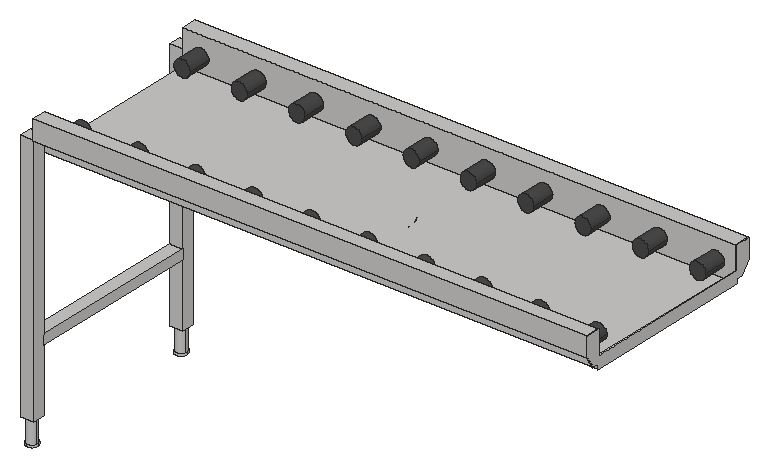
Revit family "QF_ELECTROLUXPROFESSIONAL_863004_HSSRC17", category Specialty Equipment, Revit 2018
Family settings
  Round Connector Dimension = Use Diameter
  Part Type = Normal
  Work Plane-Based = No
  Always vertical = Yes
  Cut with Voids When Loaded = No
  Shared = No
  Room Calculation Point = No
Parameters
  Weight = 0.00 kg
  Watts = 0 W
  Volts = 0 V
  URL Manufacturer = "http://professional.electrolux.com/"
  URL = "http://professional.electrolux.com/"
  Steam Supply Size = 0 mm
  Steam Supply Minimum Pressure = 0.0 Pa
  Steam Supply Maximum Pressure = 0.0 Pa
  Steam Pounds per Hour = 0
  Refrigeration Suction Line Size = 0 mm
  Refrigeration Liquid Line Size = 0 mm
  Refrigerant Compressor Remote = yes
  Manufacturer = "Electrolux"
  Phase = 0
  Model = "HSSRC17"
  Length Actual = 1700 mm  # constant formula
  Item Number = "863004"
  Hot Water Size = 0 mm
  Height Actual = 910 mm  # constant formula
  HP = "0 HP"
  Gas Size = 0 mm
  Gas KW = 0
  Gas Input Pressure = 0 W
  Description = "CONVEYOR, SHORT ROLLERS, L=1700 MM"
  Depth Actual = 620 mm  # constant formula
  Cycle = 0 Hz
  Condensate Return Size = 0 mm
  Compressed Air Volume = 0.0 L/s
  Compressed Air Size = 0 mm
  Compressed Air Pressure = 0.0 Pa
  Cold Water Size = 0 mm
  Accessory = yes
Reference planes
  plane 1 "Centro (Fronte/Retro)": y = 74.737
  plane 2: z = 0
  plane 3 "LEFT": x = -1038.761
  plane 4 "BACK": y = 384.737
  plane 5 "FRONT": y = -235.263
  plane 6: z = 910
  plane 7 "RIGHT": x = 661.239
  plane 8: x = -158.761
Forms (mm)
  Extrusion 1, solid, material "QF_Finishes_Stainless Steel"
    sketch origin (0, 74.737, 0) x (1, 0, 0) y (0, 0, 1)
      loop
        line (-1079.929, 300) -> (-1079.929, 270) -> (-1039.929, 270) -> (-1039.929, 300) -> (-1079.929, 300)
    from -266.504 to 266.46
  Extrusion 2, solid, material "QF_Finishes_Stainless Steel"
    sketch origin (11.239, 0, 0) x (0, 1, 0) y (0, 0, 1)
      loop
        line (-235.263, 910) -> (-235.263, 850.033) -> (-190.242, 850.033) -> (-190.242, 910) -> (-235.263, 910)
      loop
        line (384.737, 910) -> (339.716, 910) -> (339.716, 850.033) -> (384.737, 850.033) -> (384.737, 910)
    from -1050 to 648.8
  Extrusion 3, solid, material "QF_Finishes_Stainless Steel"
    sketch origin (11.239, 0, 0) x (0, 1, 0) y (0, 0, 1)
      loop
        line (-191.727, 850.033) -> (-191.727, 800.081) -> (341.245, 800.081) -> (341.245, 850.033) -> (339.716, 850.033) -> (339.716, 803.081) -> (-190.242, 803.081) -> (-190.242, 850.033) -> (-191.727, 850.033)
    from -1050 to 648.8
  Extrusion 4, solid, material "QF_Finishes_Stainless Steel"
    sketch origin (2161.239, 723.253, 4000) x (0, 1, 0) y (0, 0, 1)
      loop
        line (-958.516, -3090) -> (-958.516, -3149.967) -> (-934.752, -3185.632) -> (-915.4, -3185.632) -> (-915.4, -3199.919) -> (-381.633, -3199.919) -> (-381.633, -3185.632) -> (-362.281, -3185.632) -> (-338.516, -3149.967) -> (-338.516, -3090) -> (-383.538, -3090) -> (-383.538, -3161.926) -> (-913.495, -3161.926) -> (-913.495, -3090) -> (-958.516, -3090)
    from -1500 to -1501.2
  Revolve 5, solid, material "QF_Finishes_Stainless Steel"
    sketch origin (-188.685, 0, 0) x (0, 1, 0) y (0, 0, 1)
      loop
        line (74.737, 800.081) -> (12.53, 800.081) -> (12.319, 797.4) -> (12.319, 785.476) -> (17.293, 785.476) -> (17.293, 781.772)
        arc (17.293, 781.772) -> (20.266, 773.808) -> (27.77, 769.813) r 11.998
        line (27.77, 769.813) -> (74.737, 764.085) -> (74.737, 800.081)
      axis (74.737, 764.085) -> (74.737, 800.081)
    angle from 0 to 360
  Revolve 6, solid, material "QF_Finishes_Stainless Steel"
    sketch origin (-158.685, -1524, 744.096) x (0, 0, 1) y (0, -1, 0)
      loop
        line (13.017, -1619.713) -> (30, -1619.713) -> (30, -1598.737) -> (0, -1598.737) -> (0, -1619.713) -> (2.434, -1622.253) -> (10.477, -1622.253) -> (13.017, -1619.713)
      axis (0, -1598.737) -> (30, -1598.737)
    angle from 0 to 360
  Extrusion 7, solid, material "QF_Finishes_Black"
    sketch origin (0, 74.737, 0) x (1, 0, 0) y (0, 0, -1)
      loop
        circle (-980.637, -850.115) r 25
      loop
        circle (-804.784, -850.115) r 25
      loop
        circle (-628.931, -850.115) r 25
      loop
        circle (-453.078, -850.115) r 25
      loop
        circle (-277.226, -850.115) r 25
      loop
        circle (-101.373, -850.115) r 25
      loop
        circle (74.48, -850.115) r 25
      loop
        circle (426.186, -850.115) r 25
      loop
        circle (250.333, -850.115) r 25
      loop
        circle (602.039, -850.115) r 25
    from 190.58 to 260.534
  Extrusion 8, solid, material "QF_Finishes_Black"
    sketch origin (0, 74.737, 0) x (1, 0, 0) y (0, 0, 1)
      loop
        circle (-980.637, 850.115) r 25
      loop
        circle (-804.784, 850.115) r 25
      loop
        circle (-628.931, 850.115) r 25
      loop
        circle (-453.078, 850.115) r 25
      loop
        circle (-277.226, 850.115) r 25
      loop
        circle (-101.373, 850.115) r 25
      loop
        circle (74.48, 850.115) r 25
      loop
        circle (426.186, 850.115) r 25
      loop
        circle (250.333, 850.115) r 25
      loop
        circle (602.039, 850.115) r 25
    from 190.58 to 260.534
Cuts and joins
  joined: Extrusion 2, Extrusion 3
Lines and regions (mm)
  Split face 1
    outline origin (1658.239, 339.716, 803.081) x (-1, 0, 0) y (0, -1, 0)
      loop
        circle (1847, 264.904) r 3.016
  Split face 2
    outline origin (1658.239, 339.716, 803.081) x (-1, 0, 0) y (0, -1, 0)
      loop
        circle (1847, 264.904) r 52.991
  Split face 3
    outline origin (1658.239, 339.716, 803.081) x (-1, 0, 0) y (0, -1, 0)
      loop
        circle (1847, 264.904) r 36.015
  Split face 4
    outline origin (1658.239, 339.716, 803.081) x (-1, 0, 0) y (0, -1, 0)
      loop
        circle (1847, 264.904) r 26.027
  Split face 5
    outline origin (1658.239, 339.716, 803.081) x (-1, 0, 0) y (0, -1, 0)
      loop
        circle (1847, 264.904) r 9.056
  Masking region 1
    outline origin (0, 0, 0) x (1, 0, 0) y (0, 1, 0)
      loop
        line (-1038.761, 384.737) -> (-1038.761, -235.263) -> (661.239, -235.263) -> (661.239, 384.737) -> (-1038.761, 384.737)
  symbolic lines
    curve 1: line (661.239, 384.737, 0) -> (-1038.761, 384.737, 0)
    curve 2: line (-1038.761, 384.737, 0) -> (-1038.761, -235.263, 0)
    curve 3: line (-1038.761, 339.716, 0) -> (661.239, 339.716, 0)
    curve 4: line (-1038.761, -235.263, 0) -> (661.239, -235.263, 0)
    curve 5: line (661.239, -235.263, 0) -> (661.239, 384.737, 0)
    curve 6: line (661.239, -190.242, 0) -> (-1038.761, -190.242, 0)
    curve 7: line (661.239, 74.737, 0) -> (631.239, 74.737, 0)
    curve 8: line (-1038.761, 74.737, 0) -> (-1008.761, 74.737, 0)
    curve 9: arc (-188.685, 12.319, 0) -> (-251.104, 74.737, 0) -> (-188.685, 137.156, 0) r 62.418
    curve 10: arc (-188.685, 137.156, 0) -> (-126.267, 74.737, 0) -> (-188.685, 12.319, 0) r 62.418
    curve 11: arc (-158.685, 95.713, 0) -> (-179.662, 74.737, 0) -> (-158.685, 53.761, 0) r 20.976
    curve 12: arc (-158.685, 53.761, 0) -> (-137.709, 74.737, 0) -> (-158.685, 95.713, 0) r 20.976
    curve 13: line (-955.637, 265.317, 0) -> (-1005.637, 265.317, 0)
    curve 14: line (-1005.637, 265.317, 0) -> (-1005.637, 335.271, 0)
    curve 15: line (-1005.637, 335.271, 0) -> (-955.637, 335.271, 0)
    curve 16: line (-955.637, 335.271, 0) -> (-955.637, 265.317, 0)
    curve 17: line (627.032, 265.317, 0) -> (577.032, 265.317, 0)
    curve 18: line (577.032, 265.317, 0) -> (577.032, 335.271, 0)
    curve 19: line (577.032, 335.271, 0) -> (627.032, 335.271, 0)
    curve 20: line (627.032, 335.271, 0) -> (627.032, 265.317, 0)
    curve 21: line (-829.784, 265.317, 0) -> (-779.784, 265.317, 0)
    curve 22: line (-779.784, 265.317, 0) -> (-779.784, 335.271, 0)
    curve 23: line (-779.784, 335.271, 0) -> (-829.784, 335.271, 0)
    curve 24: line (-829.784, 335.271, 0) -> (-829.784, 265.317, 0)
    curve 25: line (-603.931, 265.317, 0) -> (-653.931, 265.317, 0)
    curve 26: line (-653.931, 265.317, 0) -> (-653.931, 335.271, 0)
    curve 27: line (-653.931, 335.271, 0) -> (-603.931, 335.271, 0)
    curve 28: line (-603.931, 335.271, 0) -> (-603.931, 265.317, 0)
    curve 29: line (-428.078, 265.317, 0) -> (-478.078, 265.317, 0)
    curve 30: line (-478.078, 265.317, 0) -> (-478.078, 335.271, 0)
    curve 31: line (-478.078, 335.271, 0) -> (-428.078, 335.271, 0)
    curve 32: line (-428.078, 335.271, 0) -> (-428.078, 265.317, 0)
    curve 33: line (-252.226, 265.317, 0) -> (-302.226, 265.317, 0)
    curve 34: line (-302.226, 265.317, 0) -> (-302.226, 335.271, 0)
    curve 35: line (-302.226, 335.271, 0) -> (-252.226, 335.271, 0)
    curve 36: line (-252.226, 335.271, 0) -> (-252.226, 265.317, 0)
    curve 37: line (-76.373, 265.317, 0) -> (-126.373, 265.317, 0)
    curve 38: line (-126.373, 265.317, 0) -> (-126.373, 335.271, 0)
    curve 39: line (-126.373, 335.271, 0) -> (-76.373, 335.271, 0)
    curve 40: line (-76.373, 335.271, 0) -> (-76.373, 265.317, 0)
    curve 41: line (99.48, 265.317, 0) -> (49.48, 265.317, 0)
    curve 42: line (49.48, 265.317, 0) -> (49.48, 335.271, 0)
    curve 43: line (49.48, 335.271, 0) -> (99.48, 335.271, 0)
    curve 44: line (99.48, 335.271, 0) -> (99.48, 265.317, 0)
    curve 45: line (275.333, 265.317, 0) -> (225.333, 265.317, 0)
    curve 46: line (225.333, 265.317, 0) -> (225.333, 335.271, 0)
    curve 47: line (225.333, 335.271, 0) -> (275.333, 335.271, 0)
    curve 48: line (275.333, 335.271, 0) -> (275.333, 265.317, 0)
    curve 49: line (451.186, 265.317, 0) -> (401.186, 265.317, 0)
    curve 50: line (401.186, 265.317, 0) -> (401.186, 335.271, 0)
    curve 51: line (401.186, 335.271, 0) -> (451.186, 335.271, 0)
    curve 52: line (451.186, 335.271, 0) -> (451.186, 265.317, 0)
    curve 53: line (-955.637, -115.842, 0) -> (-1005.637, -115.842, 0)
    curve 54: line (-1005.637, -115.842, 0) -> (-1005.637, -185.797, 0)
    curve 55: line (-1005.637, -185.797, 0) -> (-955.637, -185.797, 0)
    curve 56: line (-955.637, -185.797, 0) -> (-955.637, -115.842, 0)
    curve 57: line (627.032, -115.842, 0) -> (577.032, -115.842, 0)
    curve 58: line (577.032, -115.842, 0) -> (577.032, -185.797, 0)
    curve 59: line (577.032, -185.797, 0) -> (627.032, -185.797, 0)
    curve 60: line (627.032, -185.797, 0) -> (627.032, -115.842, 0)
    curve 61: line (-829.784, -115.842, 0) -> (-779.784, -115.842, 0)
    curve 62: line (-779.784, -115.842, 0) -> (-779.784, -185.797, 0)
    curve 63: line (-779.784, -185.797, 0) -> (-829.784, -185.797, 0)
    curve 64: line (-829.784, -185.797, 0) -> (-829.784, -115.842, 0)
    curve 65: line (-603.931, -115.842, 0) -> (-653.931, -115.842, 0)
    curve 66: line (-653.931, -115.842, 0) -> (-653.931, -185.797, 0)
    curve 67: line (-653.931, -185.797, 0) -> (-603.931, -185.797, 0)
    curve 68: line (-603.931, -185.797, 0) -> (-603.931, -115.842, 0)
    curve 69: line (-428.078, -115.842, 0) -> (-478.078, -115.842, 0)
    curve 70: line (-478.078, -115.842, 0) -> (-478.078, -185.797, 0)
    curve 71: line (-478.078, -185.797, 0) -> (-428.078, -185.797, 0)
    curve 72: line (-428.078, -185.797, 0) -> (-428.078, -115.842, 0)
    curve 73: line (-252.226, -115.842, 0) -> (-302.226, -115.842, 0)
    curve 74: line (-302.226, -115.842, 0) -> (-302.226, -185.797, 0)
    curve 75: line (-302.226, -185.797, 0) -> (-252.226, -185.797, 0)
    curve 76: line (-252.226, -185.797, 0) -> (-252.226, -115.842, 0)
    curve 77: line (-76.373, -115.842, 0) -> (-126.373, -115.842, 0)
    curve 78: line (-126.373, -115.842, 0) -> (-126.373, -185.797, 0)
    curve 79: line (-126.373, -185.797, 0) -> (-76.373, -185.797, 0)
    curve 80: line (-76.373, -185.797, 0) -> (-76.373, -115.842, 0)
    curve 81: line (99.48, -115.842, 0) -> (49.48, -115.842, 0)
    curve 82: line (49.48, -115.842, 0) -> (49.48, -185.797, 0)
    curve 83: line (49.48, -185.797, 0) -> (99.48, -185.797, 0)
    curve 84: line (99.48, -185.797, 0) -> (99.48, -115.842, 0)
    curve 85: line (275.333, -115.842, 0) -> (225.333, -115.842, 0)
    curve 86: line (225.333, -115.842, 0) -> (225.333, -185.797, 0)
    curve 87: line (225.333, -185.797, 0) -> (275.333, -185.797, 0)
    curve 88: line (275.333, -185.797, 0) -> (275.333, -115.842, 0)
    curve 89: line (451.186, -115.842, 0) -> (401.186, -115.842, 0)
    curve 90: line (401.186, -115.842, 0) -> (401.186, -185.797, 0)
    curve 91: line (401.186, -185.797, 0) -> (451.186, -185.797, 0)
    curve 92: line (451.186, -185.797, 0) -> (451.186, -115.842, 0)
Dimensions and locks
  plane 3 "LEFT" to plane 7 "RIGHT" = 1700 mm
  equal spacing: plane 4 "BACK", plane 1 "Centro (Fronte/Retro)", plane 5 "FRONT"
  plane 4 "BACK" to plane 5 "FRONT" = 620 mm
  locked: Extrusion 7 sketch curve to Extrusion 4 at 58
  locked: Extrusion 7 sketch curve to plane 3 "LEFT" at 58.124
  aligned and locked: level to plane 2
  aligned and locked: Extrusion 2 to Extrusion 3
Automatic sketch dimensions
  curve 9 to curve 10 = 0 mm  (x2)
  curve 11 to curve 12 = 0 mm  (x2)
  curve 1 to plane 3 "LEFT" = 0 mm
  plane 1 "Centro (Fronte/Retro)" to curve 8 = 0 mm
  plane 1 "Centro (Fronte/Retro)" to curve 9 = 0 mm
  plane 1 "Centro (Fronte/Retro)" to curve 11 = 0 mm
  plane 1 "Centro (Fronte/Retro)" to curve 7 = 0 mm
  curve 6 to plane 7 "RIGHT" = 0 mm
  curve 4 to plane 5 "FRONT" = 0 mm
  curve 2 to plane 4 "BACK" = 0 mm
  plane 3 "LEFT" to curve 54 = 33.124 mm
  plane 3 "LEFT" to curve 13 = 33.124 mm
  curve 14 to curve 16 = 50 mm
  curve 53 to curve 53 = 50 mm
  curve 53 to curve 61 = 125.853 mm
  curve 24 to plane 4 "BACK" = 49.466 mm
  curve 15 to curve 24 = 125.853 mm
  curve 61 to curve 62 = 50 mm
  curve 23 to curve 22 = 50 mm
  plane 5 "FRONT" to curve 67 = 49.466 mm
  curve 62 to curve 67 = 125.853 mm
  curve 27 to plane 4 "BACK" = 49.466 mm
  curve 22 to curve 27 = 125.853 mm
  curve 26 to curve 28 = 50 mm
  curve 66 to curve 68 = 50 mm
  plane 5 "FRONT" to curve 71 = 49.466 mm
  curve 67 to curve 71 = 125.853 mm
  curve 31 to plane 4 "BACK" = 49.466 mm
  curve 27 to curve 31 = 125.853 mm
  curve 30 to curve 31 = 50 mm
  curve 70 to curve 72 = 50 mm
  curve 34 to plane 4 "BACK" = 49.466 mm
  curve 31 to curve 34 = 125.853 mm
  curve 69 to curve 73 = 125.853 mm
  curve 74 to curve 76 = 50 mm
  curve 33 to curve 33 = 50 mm
  curve 9 to plane 8 = 29.924 mm
  plane 8 to curve 11 = 0.076 mm
  plane 8 to curve 79 = 32.388 mm
  plane 8 to curve 37 = 32.388 mm
  curve 77 to curve 80 = 50 mm
  curve 37 to curve 40 = 50 mm
  curve 77 to curve 81 = 125.853 mm
  curve 42 to plane 4 "BACK" = 49.466 mm
  curve 39 to curve 42 = 125.853 mm
  curve 81 to curve 81 = 50 mm
  curve 41 to curve 41 = 50 mm
  curve 41 to curve 46 = 125.853 mm
  curve 81 to curve 86 = 125.853 mm
  curve 86 to curve 87 = 50 mm
  curve 46 to curve 47 = 50 mm
  plane 5 "FRONT" to curve 90 = 49.466 mm
  curve 87 to curve 90 = 125.853 mm
  curve 51 to plane 4 "BACK" = 49.466 mm
  curve 47 to curve 51 = 125.853 mm
  curve 89 to curve 92 = 50 mm
  curve 50 to curve 51 = 50 mm
  curve 18 to plane 7 "RIGHT" = 84.207 mm
  curve 59 to plane 7 "RIGHT" = 84.207 mm
  curve 20 to plane 7 "RIGHT" = 34.207 mm
  curve 59 to plane 7 "RIGHT" = 34.207 mm
  plane 5 "FRONT" to curve 75 = 49.466 mm
  plane 5 "FRONT" to curve 79 = 49.466 mm
  plane 5 "FRONT" to curve 64 = 49.466 mm
  plane 5 "FRONT" to curve 82 = 49.466 mm
  plane 5 "FRONT" to curve 60 = 49.466 mm
  plane 5 "FRONT" to curve 54 = 49.466 mm
  plane 5 "FRONT" to curve 88 = 49.466 mm
  curve 55 to curve 56 = 69.954 mm
  curve 86 to curve 85 = 69.954 mm
  curve 83 to curve 84 = 69.954 mm
  curve 59 to curve 57 = 69.954 mm
  curve 91 to curve 89 = 69.954 mm
  curve 70 to curve 70 = 69.954 mm
  curve 63 to curve 61 = 69.954 mm
  curve 79 to curve 80 = 69.954 mm
  curve 67 to curve 65 = 69.954 mm
  curve 75 to curve 73 = 69.954 mm
  curve 50 to curve 50 = 69.954 mm
  curve 33 to curve 35 = 69.954 mm
  curve 32 to curve 31 = 69.954 mm
  curve 28 to curve 27 = 69.954 mm
  curve 22 to curve 22 = 69.954 mm
  curve 20 to plane 4 "BACK" = 119.42 mm
  curve 16 to plane 4 "BACK" = 119.42 mm
  curve 37 to plane 4 "BACK" = 119.42 mm
  curve 46 to plane 4 "BACK" = 119.42 mm
  curve 44 to curve 43 = 69.954 mm
  curve 48 to plane 4 "BACK" = 49.466 mm
  curve 40 to plane 4 "BACK" = 49.466 mm
  curve 20 to plane 4 "BACK" = 49.466 mm
  curve 16 to plane 4 "BACK" = 49.466 mm
  curve 8 to curve 8 = 30 mm
  curve 7 to plane 7 "RIGHT" = 30 mm
  curve 6 to curve 59 = 4.445 mm
  curve 10 to curve 9 = 62.418 mm
  curve 12 to curve 11 = 20.976 mm
  curve 19 to curve 3 = 4.445 mm
  Extrusion 1 sketch curve to plane 3 "LEFT" = 41.168 mm
  Extrusion 1 sketch curve to plane 3 "LEFT" = 1.168 mm
  level to Extrusion 1 sketch curve = 270 mm
  Extrusion 1 sketch curve to Extrusion 1 sketch curve = 30 mm
  Extrusion 2 sketch curve to plane 5 "FRONT" = 0 mm
  Extrusion 2 sketch curve to plane 6 = 0 mm  (x2)
  Extrusion 2 sketch curve to plane 4 "BACK" = 0 mm
  plane 5 "FRONT" to Extrusion 2 sketch curve = 45.021 mm
  Extrusion 2 sketch curve to plane 4 "BACK" = 45.021 mm
  Extrusion 2 sketch curve to Extrusion 2 sketch curve = 59.967 mm  (x2)
  plane 5 "FRONT" to Extrusion 3 sketch curve = 43.536 mm
  Extrusion 3 sketch curve to Extrusion 3 sketch curve = 1.486 mm
  Extrusion 3 sketch curve to plane 4 "BACK" = 45.021 mm
  Extrusion 3 sketch curve to Extrusion 3 sketch curve = 1.529 mm
  Extrusion 3 sketch curve to plane 6 = 109.919 mm
  Extrusion 3 sketch curve to Extrusion 3 sketch curve = 3 mm
  Extrusion 3 sketch curve to Extrusion 3 sketch curve = 46.952 mm  (x2)
  cut or joined group of Extrusion 2, Extrusion 3 to Split face 1 sketch curve = 264.904 mm
  Split face 1 sketch curve to cut or joined group of Extrusion 2, Extrusion 3 = 848.8 mm
  cut or joined group of Extrusion 2, Extrusion 3 to Split face 2 sketch curve = 264.904 mm
  Split face 2 sketch curve to cut or joined group of Extrusion 2, Extrusion 3 = 848.8 mm
  cut or joined group of Extrusion 2, Extrusion 3 to Split face 3 sketch curve = 264.904 mm
  Split face 3 sketch curve to cut or joined group of Extrusion 2, Extrusion 3 = 848.8 mm
  cut or joined group of Extrusion 2, Extrusion 3 to Split face 4 sketch curve = 264.904 mm
  Split face 4 sketch curve to cut or joined group of Extrusion 2, Extrusion 3 = 848.8 mm
  cut or joined group of Extrusion 2, Extrusion 3 to Split face 5 sketch curve = 264.904 mm
  Split face 5 sketch curve to cut or joined group of Extrusion 2, Extrusion 3 = 848.8 mm
  Masking region 1 sketch curve to plane 3 "LEFT" = 0 mm
  Masking region 1 sketch curve to plane 5 "FRONT" = 0 mm
  Masking region 1 sketch curve to plane 7 "RIGHT" = 0 mm
  Masking region 1 sketch curve to plane 4 "BACK" = 0 mm
  Extrusion 4 sketch curve to plane 5 "FRONT" = 0 mm
  Extrusion 4 sketch curve to plane 6 = 0 mm  (x2)
  Extrusion 4 sketch curve to plane 4 "BACK" = 0 mm
  plane 5 "FRONT" to Extrusion 4 sketch curve = 23.764 mm
  Extrusion 4 sketch curve to Extrusion 4 sketch curve = 19.352 mm  (x2)
  plane 5 "FRONT" to Extrusion 4 sketch curve = 45.021 mm
  Extrusion 4 sketch curve to plane 4 "BACK" = 45.021 mm
  Extrusion 4 sketch curve to Extrusion 4 sketch curve = 1.905 mm
  Extrusion 4 sketch curve to Extrusion 4 sketch curve = 59.967 mm  (x2)
  Extrusion 4 sketch curve to Extrusion 4 sketch curve = 11.959 mm
  Extrusion 4 sketch curve to Extrusion 4 sketch curve = 23.706 mm  (x2)
  Extrusion 4 sketch curve to Extrusion 4 sketch curve = 14.287 mm
  Revolve 5 sketch curve to plane 1 "Centro (Fronte/Retro)" = 0 mm  (x2)
  plane 1 "Centro (Fronte/Retro)" to Revolve 5 sketch curve = 45.447 mm
  Revolve 5 sketch curve to Revolve 5 sketch curve = 1.52 mm
  Revolve 5 sketch curve to Revolve 5 sketch curve = 11.998 mm
  Revolve 5 sketch curve to Revolve 5 sketch curve = 4.762 mm
  Revolve 5 sketch curve to Revolve 5 sketch curve = 4.974 mm
  Revolve 5 sketch curve to plane 6 = 145.915 mm
  Revolve 5 sketch curve to Revolve 5 sketch curve = 5.727 mm
  Revolve 5 sketch curve to Revolve 5 sketch curve = 11.901 mm
  Revolve 5 sketch curve to Revolve 5 sketch curve = 3.704 mm
  Revolve 5 sketch curve to Revolve 5 sketch curve = 11.924 mm
  Revolve 5 sketch curve to Revolve 5 sketch curve = 2.681 mm
  Revolve 5 sketch curve to Revolve 5 sketch curve = 3 mm
  Revolve 5 sketch curve to Revolve 5 sketch curve = 14.991 mm
  Revolve 6 sketch curve to plane 1 "Centro (Fronte/Retro)" = 0 mm  (x2)
  Revolve 6 sketch curve to plane 1 "Centro (Fronte/Retro)" = 20.976 mm
  Revolve 6 sketch curve to plane 6 = 165.904 mm
  Revolve 6 sketch curve to plane 1 "Centro (Fronte/Retro)" = 23.516 mm
  Revolve 6 sketch curve to Revolve 6 sketch curve = 2.434 mm
  Revolve 6 sketch curve to Revolve 6 sketch curve = 8.043 mm
  Revolve 6 sketch curve to Revolve 6 sketch curve = 2.54 mm  (x2)
  Revolve 6 sketch curve to Revolve 6 sketch curve = 16.983 mm
  Revolve 6 sketch curve to Revolve 6 sketch curve = 3.127 mm
  Revolve 6 sketch curve to Revolve 6 sketch curve = 7.343 mm
  Extrusion 7 sketch curve to plane 6 = 59.885 mm  (x10)
  Extrusion 7 sketch curve to Extrusion 7 sketch curve = 175.853 mm  (x6)
  Extrusion 7 sketch curve to plane 8 = 118.465 mm
  plane 8 to Extrusion 7 sketch curve = 57.388 mm
  plane 3 "LEFT" to Extrusion 8 sketch curve = 58.124 mm
  Extrusion 8 sketch curve to plane 6 = 59.885 mm  (x10)
  Extrusion 8 sketch curve to Extrusion 8 sketch curve = 175.853 mm  (x6)
  Extrusion 8 sketch curve to plane 8 = 118.465 mm
  plane 8 to Extrusion 8 sketch curve = 57.388 mm
  Extrusion 8 sketch curve to plane 7 "RIGHT" = 59.2 mm
  radius of Split face 1 sketch curve = 3.016 mm
  radius of Split face 2 sketch curve = 52.991 mm
  radius of Split face 3 sketch curve = 36.015 mm
  radius of Split face 4 sketch curve = 26.027 mm
  radius of Split face 5 sketch curve = 9.056 mm
  radius of Extrusion 7 sketch curve = 25 mm  (x10)
  radius of Extrusion 8 sketch curve = 25 mm  (x10)
Nested families
  nested 1: "Foot_40x40" at (-1059.929, -211.771, 0), type "Foot_40x40"
    with A 850.033 mm
  nested 2: "Foot_40x40" at (-1059.929, 361.245, 0), type "Foot_40x40"
    with A 850.033 mm
Connectors
  piping at (-158.685, 74.737, 744.096), diameter 30
    settings: on Revolve 6, index 5, connector inside diameter 609.6 mm, connector length 0 mm, flow factor 0, pipe flow 0.0 L/s, pressure drop 0.0 Pa, fitting loss kfactor 0, connector angle 0.00°, fixture units 0, engagement length 0 mm, angle of deflection 0.00°, flow configuration 1, flow direction 2, fitting loss method 0, system type 16, joint type 0, gender type 0, connector reference index -1, connector utility 0, adjustable connector no, is connector primary yes, connector description ""
Definition of nested family "Foot_40x40"
  Parameters
    A [instance] = 850 mm
  Reference planes
    plane 1 "Centro (Fronte/Retro)": y = 0
    plane 2: z = 0
    plane 3 "Centro (Sinistra/Destra)": x = 0
    plane 4: z = 850
  Forms (mm)
    Extrusion 1, solid
      sketch origin (0, 0, 0) x (1, 0, 0) y (0, 1, 0)
        loop
          circle (0, 0) r 18
      from 0 to 5
    Extrusion 2, solid
      sketch origin (0, 0, 5) x (1, 0, 0) y (0, 1, 0)
        loop
          circle (0, 0) r 15
      from 0 to 70
    Extrusion 3, solid
      sketch origin (0, 0, 75) x (1, 0, 0) y (0, 1, 0)
        loop
          line (-20, 20) -> (-20, -20) -> (20, -20) -> (20, 20) -> (-20, 20)
      from 0 to 775
  Dimensions and locks
    "A": plane 4 to plane 2
    aligned and locked: level to plane 2
    aligned and locked: plane 4 to Extrusion 3
    aligned and locked: Extrusion 1 to level
  Automatic sketch dimensions
    plane 1 "Centro (Fronte/Retro)" to Extrusion 1 sketch curve = 0 mm
    Extrusion 1 sketch curve to plane 3 "Centro (Sinistra/Destra)" = 0 mm
    Extrusion 3 sketch curve to Extrusion 3 sketch curve = 40 mm  (x2)
    radius of Extrusion 1 sketch curve = 18 mm
    radius of Extrusion 2 sketch curve to Extrusion 1 = 3 mm
